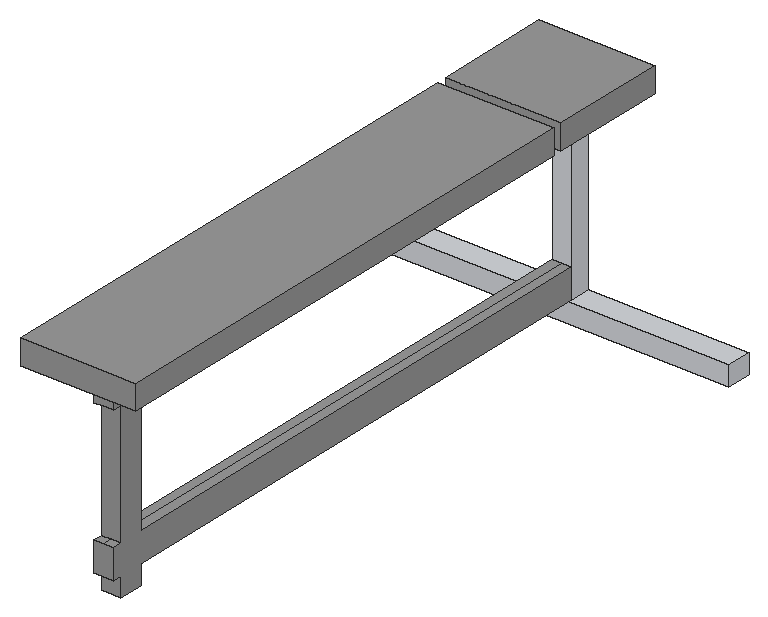
Revit family "Скамья для жима лежа горизонтальная", category Оборудование, Revit 2017
Family settings
  Размер круглого соединителя = Использовать диаметр
  Тип детали = Нормальный
  На основе рабочей плоскости = Нет
  Всегда вертикально = Да
  При загрузке вырезать с полостями = Нет
  Общий = Нет
  Точка расчета площади = Нет
Parameters (values of type "Скамья для жима лёжа горизонтальная")
  Ширина = 1170.0 mm
  Примечание = ""
  Позиция = ""
  Обозначение = "PG07"
  Наименование = "Скамья для жима лежа горизонтальная"
  Масса = "30"
  Код оборудования = ""
  Keynote = ""
  Изготовитель = "Severin"
  Завод = "Technogym"
  Единицы = "шт."
  Группа модели = "ТХ"
  Глубина = 800.0 mm
  Высота = 420.0 mm
Reference planes
  plane 1 "По центру (Вперед/Назад)": y = 0
  plane 2: z = 0
  plane 3 "По центру (Влево/Вправо)": x = 0
Forms (mm)
  Extrusion 1, solid, material "GKS_Mep_Сталь_3262-75", detail levels medium+fine
    sketch origin (0, 0, 40) x (1, 0, 0) y (0, 0, 1)
      loop
        line (0, 60) -> (-20, 60) -> (-20, 0) -> (0, 0) -> (20, 0) -> (20, 60) -> (0, 60)
    from -459.157 to 758.419
  Extrusion 2, solid, material "GKS_Mep_Сталь_3262-75"
    sketch origin (0, 60, -94.018) x (1, 0, 0) y (0, 1, 0)
      loop
        line (117.441, 449.56) -> (-120, 449.56) -> (-120, 209.56) -> (117.441, 209.56) -> (117.441, 449.56)
      loop
        line (-120, -882.5) -> (117.441, -882.5) -> (117.441, 189.56) -> (-120, 189.56) -> (-120, -882.5)
    from 507.599 to 558.772
  Extrusion 3, solid, material "GKS_Mep_Сталь_3262-75", detail levels medium+fine
    sketch origin (0, 0, 0) x (1, 0, 0) y (0, 1, 0)
      loop
        line (-20, -738.354) -> (20, -738.354) -> (20, -688.354) -> (-20, -688.354) -> (-20, -738.354)
    from 0 to 413.581
  Extrusion 4, solid, material "GKS_Mep_Сталь_3262-75"
    sketch origin (0, 0, 353.581) x (1, 0, 0) y (0, 0, 1)
      loop
        line (0, 60) -> (-20, 60) -> (-20, 0) -> (0, 0) -> (20, 0) -> (20, 60) -> (0, 60)
    from -459.157 to 758.419
  Extrusion 5, solid
    sketch origin (0, 0, 0) x (1, 0, 0) y (0, 1, 0)
      loop
        line (-350, 459.157) -> (-350, 409.157) -> (350, 409.157) -> (350, 459.157) -> (-350, 459.157)
    from 0 to 40
  Extrusion 6, solid
    sketch origin (0, 0, 0) x (1, 0, 0) y (0, 1, 0)
      loop
        line (-20, 459.157) -> (-20, 419.157) -> (20, 419.157) -> (20, 459.157) -> (-20, 459.157)
    from 40 to 415
Cuts and joins
  joined: Extrusion 1, Extrusion 3
Lines and regions (mm)
  symbolic lines, detail levels medium
    curve 1: line (-13.163, -822.5, 0) -> (0, 18.799, 0)
    curve 2: line (13.163, -822.5, 0) -> (0, 18.799, 0)
Dimensions and locks
  aligned and locked: level to plane 2
